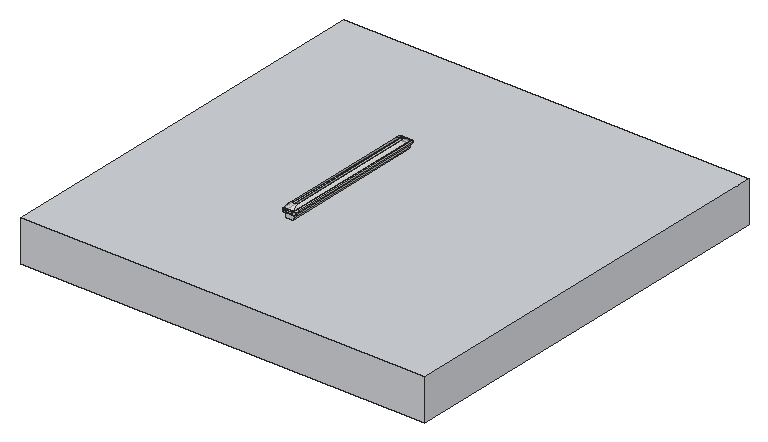
Revit family "Thorn AQUAFORCE PRO", category Leuchten, Revit 2016
Family settings
  Basisbauteil = Fläche
  Teiletyp = Normal
  Bemaßung runder Anschluss = Durchmesser verwenden
  OmniClass-Nummer = 23.80.70.11
  OmniClass-Titel = Luminaries for Internal Lighting
  Beim Laden mit Abzugskörper schneiden = Nein
  Lichtquelle = Ja
  Gemeinsam genutzt = Nein
  Raumberechnungspunkt = Nein
Parameters (values of type "AQFPRO S 5200 WB")
  Width = 90 mm  # constant formula
  Wattage Comments = ""
  Wattage = 36.0168 W
  built-in parameter 1150110 = 1 (stored number, unit not read)
  Voltage = 230 V
  URL = "www.thornlighting.com/92901935"
  Typenkommentare = "© Thorn. We reserve the right to make technical changes without prior notice."  # constant formula
  built-in parameter 1114217 = 1 (stored number, unit not read)
  Tilt Angle = -90.00°
  built-in parameter 1150109 = 1 (stored number, unit not read)
  built-in parameter 1150134 = 12
  built-in parameter 1150113 = 1 (stored number, unit not read)
  Datei für fotometrisches Netz = "92901935-D39803AA_AQFPRO_S_LED5200-840_PC_WB_HF.IES"
  Modell = "92901935"
  Hersteller = "Thorn Lighting"  # constant formula
  built-in parameter 1150105 = 425.74 (stored number, unit not read)
  Lumens = 5350 lm
  built-in parameter 1150115 = 1 (stored number, unit not read)
  built-in parameter 1150137 = (empty or 0)
  built-in parameter 1150139 = (empty or 0)
  Length = 1100 mm
  built-in parameter 1150112 = 1 (stored number, unit not read)
  built-in parameter 1150114 = 1 (stored number, unit not read)
  Lampe = "LED"  # constant formula
  built-in parameter 1150132 = 2
  built-in parameter 1150102 = (empty or 0)
  built-in parameter 1150107 = 4000 (stored number, unit not read)
  built-in parameter 1150138 = (empty or 0)
  built-in parameter 1150106 = 4.2574 (stored number, unit not read)
  Height = 92 mm  # constant formula
  Von Breite des Rechtecks ausssenden = Length  # 1100 mm
  Von Länge des Rechtecks aussenden = Width  # 90 mm
  Emissionsform beim Rendern sichtbar = no
  built-in parameter 1150104 = 13.8 (stored number, unit not read)
  Farbtemperaturverschiebung bei Dämpfen der Lampe = <Keine Auswahl>
  Beschreibung = "Moisture-proof diffuser luminaire"  # constant formula
  Default Elevation = 0 mm
  Cover = Thorn_PMMA_Semitransparent_SI
  Farbfilter = 16777215
  Body = Thorn_Metal_Light_Grey
  built-in parameter 1114218 = 1 (stored number, unit not read)
  built-in parameter 1150133 = 10 (stored number, unit not read)
  Baugruppenkennzeichen = "D5020210"
  Scheinlast = 42.6 VA
Types (8, lengths in mm): name | Wattage | URL | Datei für fotometrisches Netz | Modell | built-in parameter 1150105 | Lumens | Length | built-in parameter 1150106 | Von Breite des Rechtecks ausssenden | Scheinlast
  AQFPRO L 4300 WB | 28.948 W | "www.thornlighting.com/96630756" | "D39803AA_AQFPRO_L_LED4300-840_PC_WB_HF.IES" | "96630756" | 342.18 (stored number, unit not read) | 4300 lm | 1600 | 3.4218 (stored number, unit not read) | 1600 | 33 VA
  AQFPRO L 6400 MB | 43.0855 W | "www.thornlighting.com/96630757" | "D39801AA_AQFPRO_L_LED6400-840_PC_MB_HF.IES" | "96630757" | 1772.2 (stored number, unit not read) | 6400 lm | 1600 | 17.722 (stored number, unit not read) | 1600 | 50 VA
  AQFPRO L 8000 MB | 53.8568 W | "www.thornlighting.com/96630758" | "D39801AA_AQFPRO_L_LED8000-840_PC_MB_HF.IES" | "96630758" | 2707.2 (stored number, unit not read) | 8000 lm | 1600 | 27.072 (stored number, unit not read) | 1600 | 62 VA
  AQFPRO S 2900 MB | 19.5231 W | "www.thornlighting.com/96630753" | "D39801AA_AQFPRO_S_LED2900-840_PC_MB_HF.IES" | "96630753" | 981.36 (stored number, unit not read) | 2900 lm | 1100 | 9.8136 (stored number, unit not read) | 1100 | 21 VA
  AQFPRO S 4300 MB | 28.948 W | "www.thornlighting.com/96630754" | "D39801AA_AQFPRO_S_LED4300-840_PC_MB_HF.IES" | "96630754" | 1455.1 (stored number, unit not read) | 4300 lm | 1100 | 14.551 (stored number, unit not read) | 1100 | 33 VA
  AQFPRO S 5200 MB | 35.0069 W | "www.thornlighting.com/96630755" | "D39801AA_AQFPRO_S_LED5200-840_PC_MB_HF.IES" | "96630755" | 1759.7 (stored number, unit not read) | 5200 lm | 1100 | 17.597 (stored number, unit not read) | 1100 | 42 VA
  AQFPRO S 2900 WB | 20.7349 W | "www.thornlighting.com/92901967" | "92901967-D39803AA_AQFPRO_S_LED2900-840_PC_WB_HF.IES" | "92901967" | 245.1 (stored number, unit not read) | 3080 lm | 1100 | 2.451 (stored number, unit not read) | 1100 | 22 VA
  AQFPRO S 5200 WB | 36.0168 W | "www.thornlighting.com/92901935" | "92901935-D39803AA_AQFPRO_S_LED5200-840_PC_WB_HF.IES" | "92901935" | 425.74 (stored number, unit not read) | 5350 lm | 1100 | 4.2574 (stored number, unit not read) | 1100 | 42.6 VA
Reference planes
  plane 1 "Center (Front/Back)": y = 0
  plane 2 "Top": z = 0
  plane 3 "Center (Left/Right)": x = -735.5
  plane 4: x = -735.5
  plane 5 "Clip 1": y = -400
  plane 6: y = 550
  plane 7: y = -550
  plane 8 "Body": z = 64
  plane 9: z = 90
  plane 10: x = -781.5
  plane 11: x = -689.5
  plane 12: y = -533.996
  plane 13: y = 533.996
  plane 14 "Clip 2": y = 400
  plane 15: y = -479.986
  plane 16: y = -544
  plane 17: x = -758.479
  plane 18: x = -712.521
  plane 19: x = -773
  plane 20: x = -698
  plane 21: y = 544
  plane 22: y = 479.986
Forms (mm)
  Extrusion 1, solid
    sketch origin (123, 0, 0) x (1, 0, 0) y (0, 1, 0)
      loop
        line (-2085.5, 1500) -> (-2085.5, -1500) -> (914.5, -1500) -> (914.5, 1500) -> (-2085.5, 1500)
    from 0 to -304.8
  Extrusion 2, solid, material "Thorn_Metal_Light_Grey" <- "Body"
    sketch origin (0, 0, 0) x (1, 0, 0) y (0, 0, 1)
      loop
        line (-772.957, 44.614) -> (-768.879, 18.867)
        arc (-768.879, 18.867) -> (-762.607, 7.669) -> (-750.566, 3.226) r 18.541
        line (-750.566, 3.226) -> (-720.434, 3.226)
        arc (-720.434, 3.226) -> (-708.393, 7.669) -> (-702.121, 18.867) r 18.541
        line (-702.121, 18.867) -> (-698.043, 44.614) -> (-772.957, 44.614)
    from -533.996 to 533.996
  Extrusion 3, solid, material "Thorn_Metal_Light_Grey" <- "Body"
    sketch origin (0, -400, 0) x (1, 0, 0) y (0, 0, -1)
      loop
        arc (-757.946, -4.758) -> (-754.335, -3.613) -> (-750.566, -3.226) r 18.541
        line (-750.566, -3.226) -> (-745.263, -3.226) -> (-748.489, 0) -> (-753.953, 0) -> (-757.946, -4.758)
      loop
        line (-713.054, -4.758) -> (-717.047, 0) -> (-722.511, 0) -> (-725.737, -3.226) -> (-720.434, -3.226)
        arc (-720.434, -3.226) -> (-716.665, -3.613) -> (-713.054, -4.758) r 18.541
    from -50 to 50
  Extrusion 4, solid, material "Thorn_Metal_Light_Grey" <- "Body"
    sketch origin (0, 400, 0) x (1, 0, 0) y (0, 0, 1)
      loop
        line (-757.946, 4.758) -> (-753.953, 0) -> (-748.489, 0) -> (-745.263, 3.226) -> (-750.566, 3.226)
        arc (-750.566, 3.226) -> (-754.335, 3.613) -> (-757.946, 4.758) r 18.541
      loop
        arc (-713.054, 4.758) -> (-716.665, 3.613) -> (-720.434, 3.226) r 18.541
        line (-720.434, 3.226) -> (-725.737, 3.226) -> (-722.511, 0) -> (-717.047, 0) -> (-713.054, 4.758)
    from -50 to 50
  Sweep 5, solid, material "Thorn_Metal_Light_Grey" <- "Body"
    path origin (0, 0, 64) x (-1, 0, 0) y (0, -1, 0)
      loop
        line (781.5, -540) -> (781.5, 540)
        arc (781.5, 540) -> (778.571, 547.071) -> (771.5, 550) r 10
        line (771.5, 550) -> (699.5, 550)
        arc (699.5, 550) -> (692.429, 547.071) -> (689.5, 540) r 10
        line (689.5, 540) -> (689.5, -540)
        arc (689.5, -540) -> (692.429, -547.071) -> (699.5, -550) r 10
        line (699.5, -550) -> (771.5, -550)
        arc (771.5, -550) -> (778.571, -547.071) -> (781.5, -540) r 10
    profile "Profile Body : Profile Body" origin (-781.5, 0, 64) x (1, 0, 0) y (0, 0, 1)
      loop
        line (8.5, 0) -> (0, 0) -> (0, -14.386)
        arc (0, -14.386) -> (1.464, -17.922) -> (5, -19.386) r 5
        line (5, -19.386) -> (8.5, -19.386) -> (8.5, 0)
  Extrusion 6, solid, material "Thorn_PMMA_Semitransparent_SI" <- "Cover"
    sketch origin (0, 0, 128) x (1, 0, 0) y (0, 0, 1)
      loop
        line (-773, -64) -> (-698, -64)
        arc (-698, -64) -> (-703.026, -49.752) -> (-712.521, -38) r 44.601
        line (-712.521, -38) -> (-731.067, -39.651)
        arc (-731.067, -39.651) -> (-735.5, -39.848) -> (-739.933, -39.651) r 50
        line (-739.933, -39.651) -> (-758.479, -38)
        arc (-758.479, -38) -> (-767.974, -49.752) -> (-773, -64) r 44.601
    from -544 to 544
  Extrusion 7, void
    sketch origin (-735.5, 0, 0) x (0, -1, 0) y (0, 0, 1)
      loop
        arc (479.986, 90) -> (514.533, 83.252) -> (544, 64) r 91.802
        line (544, 64) -> (544, 90) -> (479.986, 90)
      loop
        line (-479.986, 90) -> (-544, 90) -> (-544, 64)
        arc (-544, 64) -> (-514.533, 83.252) -> (-479.986, 90) r 91.802
    from -50 to 50
Cuts and joins
  Extrusion 7 cuts Sweep 5
  Extrusion 7 cuts Extrusion 6
Lines and regions (mm)
  symbolic lines, detail levels coarse
    curve 1: line (-735.5, 550, 0) -> (-735.5, -550, 0)
    curve 2: line (-781.5, -550, 0) -> (-689.5, -550, 0)
    curve 3: line (-781.5, 550, 0) -> (-689.5, 550, 0)
  symbolic lines
    curve 4: line (-735.5, -533, 4.302) -> (-735.5, -533, 129.302)
  model lines
    curve 5: arc (-773, 0, 64) -> (-767.974, 0, 78.248) -> (-758.479, 0, 90) r 44.601
    curve 6: line (-758.479, 0, 90) -> (-758.479, 0, 64)
    curve 7: line (-758.479, 0, 64) -> (-773, 0, 64)
Dimensions and locks
  "Length": plane 7 to plane 6
  equal spacing: plane 7, plane 1 "Center (Front/Back)", plane 6
  plane 14 "Clip 2" to plane 22 to plane 13 to plane 21 to plane 6 = 79.986 mm locked, 54.009 mm locked, 10.004 mm locked, 6 mm locked
  plane 5 "Clip 1" to plane 15 to plane 12 to plane 16 to plane 7 = 79.986 mm locked, 54.009 mm locked, 10.004 mm locked, 6 mm locked
  aligned and locked: plane 2 "Top" to Extrusion 1
  aligned and locked: level to Extrusion 1
  aligned and locked: imposter light to plane 1 "Center (Front/Back)"
  aligned and locked: imposter light to plane 3 "Center (Left/Right)"
  aligned and locked: plane 12 to Extrusion 2
  aligned and locked: plane 13 to Extrusion 2
  aligned and locked: Sweep 5 sketch curve to plane 10
  aligned and locked: plane 7 to Sweep 5 sketch curve
  aligned and locked: Sweep 5 sketch curve to plane 11
  aligned and locked: Sweep 5 sketch curve to plane 6
  aligned and locked: Extrusion 7 sketch curve to plane 9
  aligned and locked: Extrusion 6 to plane 16
  aligned and locked: plane 16 to Extrusion 7 sketch curve
  aligned and locked: Extrusion 7 sketch curve to plane 21
  aligned and locked: Extrusion 6 to plane 21
  aligned and locked: imposter light to plane 9
Automatic sketch dimensions
  curve 2 to plane 7 = 0 mm
  curve 2 to plane 10 = 0 mm
  plane 6 to curve 3 = 0 mm
  curve 3 to plane 10 = 0 mm
  curve 1 to plane 3 "Center (Left/Right)" = 0 mm
  curve 3 to plane 11 = 0 mm
  curve 2 to plane 11 = 0 mm
  Extrusion 1 sketch curve to Extrusion 1 sketch curve = 3000 mm  (x2)
  Extrusion 2 sketch curve to plane 19 = 0.043 mm
  Extrusion 2 sketch curve to plane 19 = 4.121 mm
  level to Extrusion 2 sketch curve = 3.226 mm
  Extrusion 2 sketch curve to plane 17 = 7.913 mm
  Extrusion 2 sketch curve to plane 18 = 7.913 mm
  Extrusion 2 sketch curve to plane 20 = 4.121 mm
  Extrusion 2 sketch curve to plane 20 = 0.043 mm
  level to Extrusion 2 sketch curve = 18.867 mm  (x2)
  Extrusion 2 sketch curve to plane 8 "Body" = 19.386 mm
  Extrusion 3 sketch curve to level = 0 mm  (x2)
  plane 17 to Extrusion 3 sketch curve = 0.534 mm
  plane 17 to Extrusion 3 sketch curve = 4.526 mm
  Extrusion 3 sketch curve to Extrusion 3 sketch curve = 3.387 mm
  Extrusion 3 sketch curve to Extrusion 3 sketch curve = 2.077 mm  (x2)
  Extrusion 3 sketch curve to level = 3.226 mm  (x2)
  Extrusion 3 sketch curve to Extrusion 3 sketch curve = 3.226 mm  (x2)
  plane 3 "Center (Left/Right)" to Extrusion 3 sketch curve = 9.763 mm
  plane 18 to Extrusion 3 sketch curve = 4.526 mm
  plane 18 to Extrusion 3 sketch curve = 0.534 mm
  Extrusion 3 sketch curve to level = 4.758 mm  (x2)
  curve 4 to plane 12 = 0.996 mm
  level to curve 4 = 4.302 mm
  plane 9 to curve 4 = 39.302 mm
  Extrusion 4 sketch curve to level = 0 mm  (x2)
  Extrusion 4 sketch curve to plane 17 = 0.534 mm
  Extrusion 4 sketch curve to plane 17 = 4.526 mm
  Extrusion 4 sketch curve to Extrusion 4 sketch curve = 3.387 mm
  Extrusion 4 sketch curve to Extrusion 4 sketch curve = 2.077 mm  (x2)
  level to Extrusion 4 sketch curve = 3.226 mm  (x2)
  Extrusion 4 sketch curve to Extrusion 4 sketch curve = 3.226 mm  (x2)
  Extrusion 4 sketch curve to plane 3 "Center (Left/Right)" = 9.763 mm
  Extrusion 4 sketch curve to plane 18 = 4.526 mm
  Extrusion 4 sketch curve to plane 18 = 0.534 mm
  level to Extrusion 4 sketch curve = 4.758 mm  (x2)
  plane 18 to Sweep 5 sketch curve = 13.021 mm  (x2)
  plane 17 to Sweep 5 sketch curve = 13.021 mm  (x2)
  curve 5 to plane 8 "Body" = 0 mm
  plane 19 to curve 5 = 0 mm
  curve 6 to plane 9 = 0 mm
  plane 17 to curve 6 = 0 mm
  curve 5 to plane 3 "Center (Left/Right)" = 6.466 mm
  Extrusion 6 sketch curve to plane 8 "Body" = 0 mm
  plane 19 to Extrusion 6 sketch curve = 0 mm
  Extrusion 6 sketch curve to plane 9 = 0 mm  (x2)
  plane 17 to Extrusion 6 sketch curve = 0 mm
  plane 3 "Center (Left/Right)" to Extrusion 6 sketch curve = 0 mm
  Extrusion 6 sketch curve to plane 18 = 0 mm
  Extrusion 6 sketch curve to plane 20 = 0 mm
  plane 9 to Extrusion 6 sketch curve = 1.651 mm  (x2)
  Extrusion 6 sketch curve to plane 3 "Center (Left/Right)" = 4.433 mm
  Extrusion 6 sketch curve to plane 3 "Center (Left/Right)" = 6.466 mm
  plane 3 "Center (Left/Right)" to Extrusion 6 sketch curve = 6.466 mm
  Extrusion 6 sketch curve to plane 9 = 48.152 mm
  Extrusion 7 sketch curve to plane 8 "Body" = 0 mm  (x2)
  Extrusion 7 sketch curve to plane 22 = 0 mm
  Extrusion 7 sketch curve to plane 15 = 0 mm
  Extrusion 7 sketch curve to plane 9 = 0 mm
Connectors
  electrical at (-735.5, 0, 0), driven by "Scheinlast", driven by "Voltage"
    settings: index 1, voltage 230 V, apparent load 0 VA, apparent load phase1 42.6 VA, apparent load phase2 0 VA, apparent load phase3 0 VA, power factor 1, load classification "Lighting", number of poles 1, system type 31, power factor state 1, is connector primary yes, connector utility no, sub classification motor no, connector description "Power"
